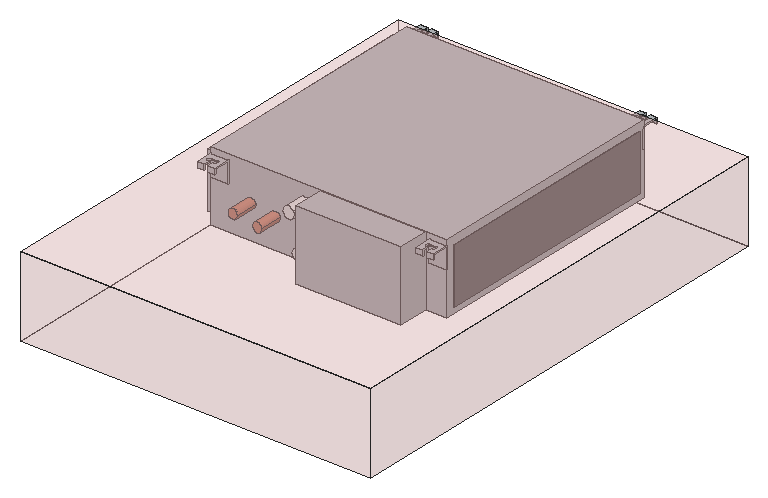
Revit family "PEFY-WP25VMS1-E_Service_Area2", category Mechanical Equipment, host Ceiling, Revit 2012
Parameters (values of type "PEFY-WP25VMS1-E_240V_60Hz")
  Description = "Ceiling concealed"
  Manufacturer = "Mitsubishi Electric Corporation"
  Model = "PEFY-WP25VMS1-E"
  Width = 790 mm
  Water Pipe_radius (To HBC Unit) = 13.2 mm
  Water Pipe_radius (From HBC Unit) = 13.2 mm
  WarrantyStart = ""
  Voltage = 240 V
  Unit Weight (kg) = 20
  URL = "http://www.mitsubishielectric.com/"
  TagNumber = 0
  Subcategory = "HVAC"
  Space View = yes
  Sound Pressure Level_Mid (dB(A)) = 26
  Sound Pressure Level_Low (dB(A)) = 23
  Sound Pressure Level_High (dB(A)) = 30
  SerialNumber = 0
  ReplacementYear = ""
  Protection Device = "Fuse"
  Phase = 1
  Maximum Circuit Ampacity (A) = 0.75
  InstallationDate = ""
  Hertz = 60 Hz
  Height = 200 mm
  Heating Power Input (kW) = 0.04
  Heating Current (A) = 0.4
  Heating Capacity (kW) = 3.2
  Fan_Type = "Sirocco fan"
  Fan_Quantity = 2
  Fan Motor Output (kW) = 0.096
  External_static_pressure (Pa) = "5-15-35-50"
  External Finish = "Galvanized steel plate"
  Equip_description = ""
  Equip_No. = 0
  Equip_ID = ""
  Drain pipe2_radius = 16 mm
  Drain pipe1_radius = 16 mm
  Description = ""
  Depth = 700 mm
  CreatedOn = ""
  CreatedBy = ""
  Cooling Power Input (kW) = 0.06
  Cooling Current (A) = 0.51
  Cooling Capacity (kW) = 2.8
  Category = ""
  Barcode = ""
  AssetIdentifier = ""
  Airflow Rate_Mid (m3/min) = 7
  Airflow Rate_Mid (m3/h) = 420
  Airflow Rate_Low (m3/min) = 5.5
  Airflow Rate_Low (m3/h) = 330
  Airflow Rate_High (m3/min) = 9
  Airflow Rate_High (m3/h) = 540
Types (6, lengths in mm): name | Voltage | Hertz
  PEFY-WP25VMS1-E_220V_50Hz | 220 V | 50 Hz
  PEFY-WP25VMS1-E_220V_60Hz | 220 V | 60 Hz
  PEFY-WP25VMS1-E_230V_50Hz | 230 V | 50 Hz
  PEFY-WP25VMS1-E_230V_60Hz | 230 V | 60 Hz
  PEFY-WP25VMS1-E_240V_50Hz | 240 V | 50 Hz
  PEFY-WP25VMS1-E_240V_60Hz | 240 V | 60 Hz
Reference planes
  plane 1 "Center (Front/Back)": y = 0
  plane 2: z = 0
  plane 3 "Center (Left/Right)": x = 0
  plane 4 "Ceiling": z = 4030
  plane 5: z = 4050
  plane 6: y = -990
  plane 7: z = 4250
  plane 8: y = -350
  plane 9: y = 350
  plane 10: y = 350
  plane 11: z = 4235
  plane 12: x = 325
  plane 13: x = 350
  plane 14: x = -300
  plane 15: x = -350
  plane 16: z = 4230
  plane 17: x = -57
  plane 18: z = 4202
  plane 19: z = 4080
  plane 20: x = -211
  plane 21: x = -141
  plane 22: z = 4148
  plane 23: z = 4138
  plane 24: y = -440
  plane 25: x = 350
Forms (mm)
  Extrusion 1, solid, material "Plated steel"
    sketch origin (88.259, -337.375, 3750) x (1, 0, 0) y (0, 1, 0)
      loop
        line (-415.259, 687.375) -> (-415.259, -12.625) -> (261.741, -12.625) -> (261.741, 687.375) -> (-415.259, 687.375)
    from 300 to 500
  Extrusion 2, solid, material "Service space", visible <- "Space View"
    sketch origin (-2000, 6000, 4050) x (0, 1, 0) y (1, 0, 0)
      loop
        line (-7000, 1650) -> (-5650, 1650) -> (-5650, 2650) -> (-7000, 2650) -> (-7000, 1650)
    from 20 to -210
  Extrusion 3, solid
    sketch origin (0, 0, 0) x (0, 1, 0) y (0, 0, 1)
      loop
        line (-330, 4230) -> (-330, 4071) -> (330, 4071) -> (330, 4230) -> (-330, 4230)
    from 350 to 355
  Extrusion 4, solid
    sketch origin (-350, 0, 4250) x (0, 0, 1) y (0, -1, 0)
      loop
        line (-20, 330) -> (-179, 330) -> (-179, -330) -> (-20, -330) -> (-20, 330)
    from 0 to 23
  Extrusion 5, solid
    sketch origin (794.259, -350, 3750) x (-1, 0, 0) y (0, 0, -1)
      loop
        circle (851.259, -452) r 16
    from 0 to 57
  Extrusion 6, solid
    sketch origin (794.259, -350, 3750) x (-1, 0, 0) y (0, 0, -1)
      loop
        circle (851.259, -330) r 16
    from 0 to 25
  Extrusion 7, solid
    sketch origin (794.259, -350, 3750) x (-1, 0, 0) y (0, 0, -1)
      loop
        line (505.751, -500) -> (805.751, -500) -> (805.751, -300) -> (505.751, -300) -> (505.751, -500)
    from 0 to 90
  Extrusion 8, solid
    sketch origin (794.259, -350, 3750) x (-1, 0, 0) y (0, 0, -1)
      loop
        circle (1005.259, -398) r 13.2
      loop
        circle (935.259, -388) r 13.2
    from 0 to 64
Lines and regions (mm)
  model lines, visible <- "Space View"
    curve 1: line (-400, 400, 4030) -> (377, 400, 4030)
    curve 2: line (-400, -400, 4030) -> (-400, 400, 4030)
    curve 3: line (377, -400, 4030) -> (-400, -400, 4030)
    curve 4: line (377, 400, 4030) -> (377, -400, 4030)
    curve 5: line (125, -550, 4030) -> (575, -550, 4030)
    curve 6: line (125, -1000, 4030) -> (125, -550, 4030)
    curve 7: line (575, -1000, 4030) -> (125, -1000, 4030)
    curve 8: line (575, -550, 4030) -> (575, -1000, 4030)
Dimensions and locks
  equal spacing: host sketch curve, plane 3 "Center (Left/Right)", host sketch curve
  equal spacing: host sketch curve, plane 1 "Center (Front/Back)", host sketch curve
  host sketch curve to host sketch curve = 4000 mm  (x2)
  locked: plane 4 "Ceiling" to host ceiling at 0
  Extrusion 1 to Extrusion 1 = 700 mm
  Extrusion 1 to plane 1 "Center (Front/Back)" = 350 mm
  plane 5 to Extrusion 1 = 200 mm
  plane 7 to plane 5 = 200 mm
  plane 4 "Ceiling" to plane 5 = 20 mm
  Extrusion 1 to Extrusion 1 = 677 mm
  plane 8 to plane 10 = 700 mm
  locked: plane 11 to plane 7 at 15
  locked: plane 16 to plane 7 at 20
  locked: Extrusion 3 to plane 16 at 159
  locked: Extrusion 4 to plane 16 at 159
  plane 7 to plane 18 to plane 19 = 48 mm locked, 122 mm locked
  locked: Extrusion 7 to Extrusion 7 at 200
  plane 7 to plane 22 to plane 23 = 102 mm locked, 10 mm locked
  plane 15 to curve 4 = 727 mm
  aligned and locked: plane 5 to Extrusion 1
  aligned and locked: Extrusion 1 to plane 7
  aligned and locked: plane 8 to Extrusion 1
  aligned and locked: plane 10 to Extrusion 1
  aligned and locked: nested 1 to Extrusion 1
  aligned and locked: nested 1 to plane 14
  aligned and locked: nested 1 to plane 11
  aligned and locked: nested 2 to plane 11
  aligned and locked: plane 11 to nested 4
  aligned and locked: plane 11 to nested 3
  aligned and locked: nested 4 to plane 10
  aligned and locked: nested 3 to plane 10
  aligned and locked: Extrusion 3 to plane 16
  aligned and locked: Extrusion 4 to plane 16
  aligned and locked: plane 8 to nested 2
  aligned and locked: plane 18 to Extrusion 5
  aligned and locked: plane 19 to Extrusion 6
  aligned and locked: Extrusion 7 to plane 7
  aligned and locked: plane 22 to Extrusion 8
  aligned and locked: plane 23 to Extrusion 8
Nested families
  nested 1: "LEG" at (-300, -376, 4235), type "LEG_28"
  nested 2: "LEG" at (325, -376, 4235), type "LEG_28"
  nested 3: "LEG" at (-300, 376, 4235), type "LEG_28"
  nested 4: "LEG" at (325, 376, 4235), type "LEG_28"
Connectors
  piping at (-57, -407, 4202), driven by "Drain pipe1_radius"
    settings: on Extrusion 5, index 1, connector radius 16 mm, flow factor 0, pipe flow 0.0 L/s, pressure drop 0.0 Pa, fitting loss kfactor 0, connector angle 0.00°, fixture units 0, engagement length 0 mm, flow configuration 0, flow direction 2, fitting loss method 0, system type 22, joint type 0, gender type 0, connector reference index -1, connector utility 0, adjustable connector no, is connector primary yes, fitting loss table "", connector description "Drain pipe"
  piping at (-57, -375, 4080), driven by "Drain pipe2_radius"
    settings: on Extrusion 6, index 2, connector radius 16 mm, flow factor 0, pipe flow 0.0 L/s, pressure drop 0.0 Pa, fitting loss kfactor 0, connector angle 0.00°, fixture units 0, engagement length 0 mm, flow configuration 0, flow direction 2, fitting loss method 0, system type 22, joint type 0, gender type 0, connector reference index -1, connector utility 0, adjustable connector no, is connector primary no, fitting loss table "", connector description "Drain pipe"
  piping at (-141, -414, 4138)
    settings: on Extrusion 8, index 3, connector radius 13.2 mm, flow factor 0, pipe flow 0.0 L/s, pressure drop 0.0 Pa, fitting loss kfactor 0, connector angle 0.00°, fixture units 0, engagement length 0 mm, flow configuration 0, flow direction 1, fitting loss method 0, system type 22, joint type 0, gender type 0, connector reference index -1, connector utility 0, adjustable connector no, is connector primary no, fitting loss table "", connector description "Water pipe(From HBC unit)"
  piping at (-211, -414, 4148)
    settings: on Extrusion 8, index 4, connector radius 13.2 mm, flow factor 0, pipe flow 0.0 L/s, pressure drop 0.0 Pa, fitting loss kfactor 0, connector angle 0.00°, fixture units 0, engagement length 0 mm, flow configuration 0, flow direction 2, fitting loss method 0, system type 22, joint type 0, gender type 0, connector reference index -1, connector utility 0, adjustable connector no, is connector primary no, fitting loss table "", connector description "Water pipe(To HBC unit)"
  hvac at (355, 0, 4150.5)
    settings: on Extrusion 3, index 5, duct flow 0.0 L/s, flow factor 0, pres drop 0.0 Pa, loss coef 0, conn angle 0.00°, conn width 660 mm, conn height 160 mm, conn radius 304.8 mm, duct sys type 1, conn prof type 1, flow config 0, flow direction 1, loss method 0, conn ref index -1, conn util no, is conn primary yes, conn desc "Air inlet"
  hvac at (-350, 0, 4150.5)
    settings: on Extrusion 4, index 6, duct flow 0.0 L/s, flow factor 0, pres drop 0.0 Pa, loss coef 0, conn angle 0.00°, conn width 660 mm, conn height 150 mm, conn radius 304.8 mm, duct sys type 3, conn prof type 1, flow config 0, flow direction 2, loss method 0, conn ref index -1, conn util no, is conn primary no, conn desc "Air outlet"
  electrical at (288.508, -395, 4150), driven by "Phase", driven by "Voltage"
    settings: on Extrusion 7, index 7, voltage 240 V, apparent load 0 VA, apparent load phase1 0 VA, apparent load phase2 0 VA, apparent load phase3 0 VA, power factor 1, load classification "Other", number of poles 1, system type 30, power factor state 1, is connector primary yes, connector utility no, sub classification motor no, connector description ""
Definition of nested family "LEG"
  Parameters (values of type "LEG_28")
    product distance = 28 mm
  Reference planes
    plane 1 "中心(正面/背面)": y = 0
    plane 2: z = 0
    plane 3 "中心(左/右)": x = 0
    plane 4: x = -25
    plane 5: x = 25
    plane 6: y = -23
    plane 7: y = 28
    plane 8: x = -8
    plane 9: x = 8
    plane 10: x = -6
    plane 11: x = 6
  Forms (mm)
    Extrusion 1, solid, material "Plated steel"
      sketch origin (0, 0, 0) x (1, 0, 0) y (0, 1, 0)
        loop
          line (-25, 26) -> (-25, -23) -> (25, -23) -> (25, 26) -> (-25, 26)
      from 0 to -60
    Extrusion 2, void
      sketch origin (0, 0, 0) x (0, 1, 0) y (0, 0, 1)
        loop
          line (-20.7, -2.3) -> (-20.7, -15) -> (-23, -15) -> (-23, -60) -> (24, -60) -> (24, -2.3) -> (-20.7, -2.3)
      from -25 to 25
    Extrusion 3, void
      sketch origin (0, 0, 0) x (1, 0, 0) y (0, 1, 0)
        loop
          arc (-8, 7) -> (-15, 0) -> (-8, -7) r 7
          line (-8, -7) -> (-6, -7) -> (-6, -23) -> (6, -23) -> (6, -7) -> (8, -7)
          arc (8, -7) -> (15, 0) -> (8, 7) r 7
          line (8, 7) -> (-8, 7)
      from 0 to -60
  Cuts and joins
    Extrusion 2, Extrusion 3 cuts Extrusion 1
  Dimensions and locks
    locked: Extrusion 1 sketch curve to Extrusion 1 sketch curve at 50
    equal spacing: Extrusion 1 sketch curve, plane 3 "中心(左/右)", Extrusion 1 sketch curve
    locked: plane 6 to plane 1 "中心(正面/背面)" at 23
    "product distance": plane 1 "中心(正面/背面)" to plane 7
    plane 7 to Extrusion 2 sketch curve = 4 mm
    locked: cut or joined group of Extrusion 1, Extrusion 2, Extrusion 3 to cut or joined group of Extrusion 1, Extrusion 2, Extrusion 3 at 2.3  (x2)
    aligned and locked: level to plane 2
    aligned and locked: Extrusion 2 to Extrusion 1
    aligned and locked: Extrusion 1 to Extrusion 2
    aligned and locked: Extrusion 2 sketch curve to cut or joined group of Extrusion 1, Extrusion 2, Extrusion 3  (x2)
    aligned and locked: cut or joined group of Extrusion 1, Extrusion 2, Extrusion 3 to Extrusion 3 sketch curve
    aligned and locked: plane 6 to Extrusion 1 sketch curve
  Automatic sketch dimensions
    Extrusion 2 sketch curve to plane 6 = 2.3 mm
    Extrusion 2 sketch curve to level = 15 mm
    Extrusion 2 sketch curve to level = 2.3 mm
    plane 1 "中心(正面/背面)" to Extrusion 3 sketch curve = 0 mm  (x2)
    Extrusion 3 sketch curve to plane 8 = 0 mm
    Extrusion 3 sketch curve to plane 10 = 0 mm
    Extrusion 3 sketch curve to plane 11 = 0 mm
    Extrusion 3 sketch curve to plane 9 = 0 mm  (x2)
    plane 1 "中心(正面/背面)" to Extrusion 3 sketch curve = 7 mm
    plane 7 to Extrusion 1 sketch curve = 2 mm
